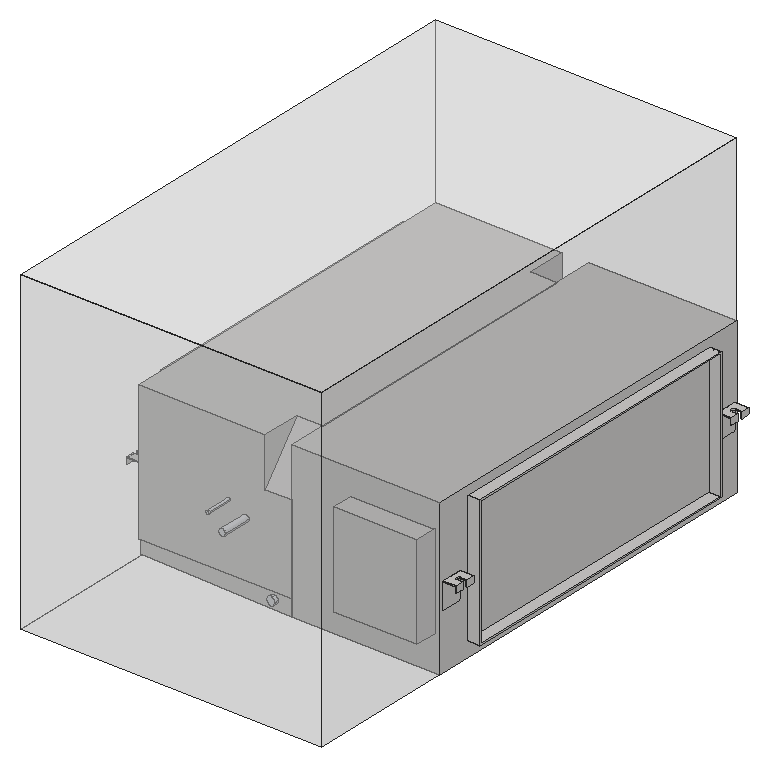
Revit family "outputfile", category 機械設備, Revit 2024
Family settings
  丸型コネクタ寸法 = 半径を使用
  パーツ タイプ = 標準
  OmniClass 番号 = 23.75.10.24.21.27.27
  OmniClass タイトル = Split System Air Conditioning Units
  作業面ベース = いいえ
  常に垂直 = はい
  ロード時にボイドで切り取り = いいえ
  注釈の向きを維持 = いいえ
  共有 = いいえ
  部屋計算ポイント = はい
Parameters (values of type "FXMQ180PV1A")
  Description = ""
  製造元 = "Daikin"
  書き出し IFC クラス(タイプ) = "IfcUnitaryEquipmentType"
  定義済み IFC タイプ(タイプ) = "AIRCONDITIONINGUNIT"
  Cost = 0
  モデル = "FXMQ180PV1A"
  Type Comments = ""
  Keynote = ""
  Type Image = (empty or 0)
  Assembly Code = ""
  lw_suctionflange = 922.0 mm
  r_Liquid Pipe Size = Liquid Pipe Size / 2  # 4.75 mm
  r_Gas Pipe Size = Gas Pipe Size / 2  # 9.55 mm
  r_Drain Pipe Size = Drain Pipe Size / 2  # 12.5 mm
  lw_power = 230.0 mm  # constant formula
  lw_dischargeflange = 58.0 mm  # constant formula
  lh_power = 394.0 mm  # constant formula
  lh_mountinghole1 = lh_mountinghole + [h***]  # 254.0 mm
  lh_dischargeflange = 110.0 mm  # constant formula
  ld_power = 33.5 mm  # constant formula
  ld_dischargeflange = 70.0 mm  # constant formula
  Voltage_comment_50Hz = "220-240"
  Voltage_50Hz = 220 V
  URL = ""
  Supply Air Direction [instance] = yes
  Sound Power Level_H speed (dB) = 0
  Phase_50Hz = 1
  Minimum External Static Pressure = 0.00 Pa
  Minimum Circuit Amps_50Hz = 7.4 A
  Maximum Fuse Amps_50Hz = 15.0 A
  Maximum External Static Pressure = 210.00 Pa
  Material_Casing = DAIKIN_GalvanizedSteel_Casing_indoorunit
  lw_mountinghole = 972.0 mm  # constant formula
  lh_gaspipe = 221.5 mm  # constant formula
  lh_mountinghole = 254.0 mm  # constant formula
  lh_liquidpipe = 254.0 mm  # constant formula
  lh_drainpipe = 30.0 mm  # constant formula
  lh_antena = Height - lh_mountinghole + 1.0 mm  # 217.0 mm
  ld_drainpipe = 10.0 mm  # constant formula
  ld_liquidpipe = 79.0 mm  # constant formula
  ld_gaspipe = 89.0 mm  # constant formula
  ld_mountinghole = 1048.0 mm
  h*** = 0.0 mm  # constant formula
  lw_liquidpipe = 275.0 mm  # constant formula
  lw_gaspipe = 327.5 mm  # constant formula
  lw_drainpipe = 413.5 mm  # constant formula
  Width = 918.5 mm
  Version = "ver.1.0"
  Unit Type = "High Static Pressure Duct Type"
  Unit Mass Weight = 70.00 kg
  Unit Designation [instance] = ""
  Uniclass2015Version = "Products v1.30"
  Uniclass2015Title = "Variable refrigerant flow units"
  Uniclass2015Code = "Pr_70_65_03_94"
  Total Heating Capacity [instance] = 0.000 kW
  Total Cooling Capacity [instance] = 0.000 kW
  Sound Pressure Level_M speed (dBA) = 0
  Sound Pressure Level_L speed (dBA) = 38
  Sound Pressure Level_H speed (dBA) = 45
  Series = "VRV Fan Coil Unit"
  Sensible Cooling Capacity [instance] = 0.000 kW
  SA Duct Size Width = 918.0 mm
  SA Duct Size Height = 350.0 mm
  Refrigerant Type = "R410A"
  RA Duct Size Width = 918.0 mm
  RA Duct Size Height = 392.5 mm
  Power Input (Heating) = 0.650 kW
  Power Input (Cooling) = 0.650 kW
  Option Accessory 3 [instance] = ""
  Option Accessory 2 [instance] = ""
  Option Accessory 1 [instance] = ""
  Nominal Heating Capacity = 22.400 kW
  Nominal Cooling Capacity = 20.000 kW
  Minimum Airflow = 0.00 m³/h
  Median Airflow = 0.00 m³/h
  Maximum Airflow = 4176.00 m³/h
  Load Classification = HVAC
  Liquid Pipe Size = 9.5 mm
  Link_Nested Family [instance] = ""
  IfcVersion = "0"
  IfcExportType = "AIRCONDITIONINGUNIT"
  IfcExportAs = "IfcUnitaryEquipmentType"
  Height = 470.0 mm
  Heating Entering Wet Bulb Temperature [instance] = 0.00 °C
  Heating Entering Dry Bulb Temperature [instance] = 0.00 °C
  Heating Ambient Wet Bulb Temperature [instance] = 0.00 °C
  Heating Ambient Dry Bulb Temperature [instance] = 0.00 °C
  Heat Exchanger Type = "Cross Fin Coil"
  Gas Pipe Size = 19.1 mm
  Frequency_50Hz = 50 Hz
  Fan Type = "Sirocco Fan"
  Fan Drive = "Direct Drive"
  FCU Tag No. [instance] = ""
  Drain Pipe Size = 25.0 mm
  Design Supply Airflow [instance] = 0.00 m³/h
  Design Return Airflow [instance] = 0.00 m³/h
  Design External Static Pressure [instance] = 0.00 Pa
  Depth = 1133.0 mm
  既定の高さ = 0.0 mm
  Cooling Entering Wet Bulb Temperature [instance] = 0.00 °C
  Cooling Entering Dry Bulb Temperature [instance] = 0.00 °C
  Cooling Ambient Wet Bulb Temperature [instance] = 0.00 °C
  Cooling Ambient Dry Bulb Temperature [instance] = 0.00 °C
  Clearance visibility [instance] = yes
  Clearance Top = 500.0 mm
  Clearance Right = 0.0 mm
  Clearance Rear = 0.0 mm
  Clearance Left = 0.0 mm
  Clearance Front = 450.0 mm
  Clearance Bottom = 0.0 mm
Reference planes
  plane 1 "Center (Front/Back)": y = 0
  plane 2 "h": z = 0
  plane 3 "Center (Left/Right)": x = 0
  plane 4 "Back": y = 566.5
  plane 5 "Front": y = -566.5
  plane 6 "Left": x = -459.25
  plane 7 "Reight": x = 459.25
  plane 8 "Top": z = 0
  plane 9 "Bottom": z = -470
  plane 10 "lh_mountinghole": z = -216
  plane 11 "ld_mountinghole1": y = 524
  plane 12: y = 566.5
  plane 13: y = -1016.5
  plane 14: x = -459.25
  plane 15: x = 459.25
  plane 16: z = 500
  plane 17: z = -470
  plane 18: z = -76
  plane 19: x = 7.75
  plane 20: z = -420
  plane 21 "ld_gaspipe": y = -655.5
  plane 22 "ld_liquidpipe": y = -645.5
  plane 23 "lw_liquidpipe": x = -184.25
  plane 24 "lw_gaspipe": x = -131.75
  plane 25 "lh_gaspipe": z = -248.5
  plane 26 "lh_liquidpipe": z = -216
  plane 27 "ld_drainpipe": y = -576.5
  plane 28 "lw_drainpipe": x = -45.75
  plane 29 "lh_drainpipe": z = -440
  plane 30 "ld_mountinghole2": y = -524
  plane 31: x = -486
  plane 32: x = 486
  plane 33: x = 256
  plane 34: y = -600
  plane 35 "lh_power": z = -76
  plane 36 "ld_suctionflange": y = 29.5
  plane 37 "lh_suctionflange": z = -208
  plane 38: y = -633.5
  plane 39: z = -222.75
  plane 40: x = -72.25
Forms (mm)
  Extrusion 1, solid, material "DAIKIN_GalvanizedSteel_Casing_indoorunit" <- "Material_Casing"
    sketch origin (0, 0, 0) x (1, 0, 0) y (0, 1, 0)
      loop
        line (7.75, 566.5) -> (7.75, -566.5) -> (459.25, -566.5) -> (459.25, 566.5) -> (7.75, 566.5)
    from -470 to 0
  Extrusion 2, solid, material "DAIKIN_GalvanizedSteel_Casing_indoorunit" <- "Material_Casing"
    sketch origin (0, 0, 0) x (1, 0, 0) y (0, 1, 0)
      loop
        line (-459.25, 566.5) -> (-459.25, -566.5) -> (7.75, -566.5) -> (7.75, 566.5) -> (-459.25, 566.5)
    from -420 to 0
  Extrusion 3, solid, material "DAIKIN_GalvanizedSteel_Casing_indoorunit" <- "Material_Casing"
    sketch origin (0, 0, 0) x (1, 0, 0) y (0, 0, 1)
      loop
        line (7.75, -470) -> (7.75, -420) -> (-451.25, -420) -> (-451.25, -457) -> (7.75, -470)
    from -566.5 to 566.5
  Extrusion 4, solid
    sketch origin (0, 0, 0) x (1, 0, 0) y (0, 0, 1)
      loop
        circle (-45.75, -440) r 12.5
    from 566.5 to 576.5
  Extrusion 5, solid, material "DAIKIN_GalvanizedSteel_Casing_indoorunit" <- "Material_Casing"
    sketch origin (0, 0, 0) x (1, 0, 0) y (0, 0, 1)
      loop
        line (190.25, -76) -> (190.25, -361) -> (444.25, -361) -> (444.25, -76) -> (190.25, -76)
    from 633.5 to 566.5
  Extrusion 6, solid
    sketch origin (0, 0, 0) x (1, 0, 0) y (0, 0, 1)
      loop
        circle (-184.25, -216) r 4.75
    from 566.5 to 645.5
  Extrusion 7, solid
    sketch origin (0, 0, 0) x (1, 0, 0) y (0, 0, 1)
      loop
        circle (-131.75, -248.5) r 9.55
    from 566.5 to 655.5
  Extrusion 8, void
    sketch origin (0, 0, 0) x (0, 1, 0) y (0, 0, 1)
      loop
        line (-566.5, 0) -> (-566.5, -150) -> (-446.5, 0) -> (-566.5, 0)
      loop
        line (566.5, 0) -> (446.5, 0) -> (566.5, -150) -> (566.5, 0)
    from -72.25 to 7.75
Cuts and joins
  Extrusion 8 cuts Extrusion 1
  Extrusion 8 cuts Extrusion 2
  Extrusion 8 cuts Extrusion 5
Dimensions and locks
  "Height": plane 8 "Top" to plane 9 "Bottom"
  equal spacing: plane 4 "Back", plane 1 "Center (Front/Back)", plane 5 "Front"
  "Depth": plane 4 "Back" to plane 5 "Front"
  equal spacing: plane 6 "Left", plane 3 "Center (Left/Right)", plane 7 "Reight"
  "Width": plane 6 "Left" to plane 7 "Reight"
  "Clearance Left": plane 14 to plane 6 "Left"
  "Clearance Right": plane 7 "Reight" to plane 15
  "Clearance Rear": plane 12 to plane 4 "Back"
  "Clearance Front": plane 5 "Front" to plane 13
  "Clearance Top": plane 16 to plane 8 "Top"
  "Clearance Bottom": plane 9 "Bottom" to plane 17
  "lh_mountinghole": plane 10 "lh_mountinghole" to plane 9 "Bottom"
  "lh_power": plane 18 to plane 9 "Bottom"
  locked: plane 19 to plane 7 "Reight" at 451.5
  locked: plane 8 "Top" to plane 20 at 420
  locked: Extrusion 3 sketch curve to plane 6 "Left" at 8
  locked: plane 20 to Extrusion 3 sketch curve at 37
  "lh_drainpipe": Extrusion 4 sketch curve to plane 9 "Bottom"
  "lw_drainpipe": Extrusion 4 sketch curve to plane 6 "Left"
  "lw_liquidpipe": Extrusion 6 sketch curve to plane 6 "Left"
  "lw_gaspipe": Extrusion 7 sketch curve to plane 6 "Left"
  locked: Extrusion 5 sketch curve to Extrusion 5 sketch curve at 254
  locked: Extrusion 5 sketch curve to Extrusion 5 sketch curve at 285
  locked: Extrusion 5 sketch curve to plane 7 "Reight" at 15
  locked: Extrusion 5 sketch curve to plane 9 "Bottom" at 109
  "ld_gaspipe": plane 5 "Front" to plane 21 "ld_gaspipe"
  "ld_liquidpipe": plane 5 "Front" to plane 22 "ld_liquidpipe"
  "lw_liquidpipe": plane 6 "Left" to plane 23 "lw_liquidpipe"
  "lw_gaspipe": plane 6 "Left" to plane 24 "lw_gaspipe"
  "lh_gaspipe": plane 25 "lh_gaspipe" to plane 9 "Bottom"
  "lh_liquidpipe": plane 26 "lh_liquidpipe" to plane 9 "Bottom"
  "lh_gaspipe": Extrusion 7 sketch curve to plane 9 "Bottom"
  "lh_liquidpipe": Extrusion 6 sketch curve to plane 9 "Bottom"
  "ld_drainpipe": plane 5 "Front" to plane 27 "ld_drainpipe"
  "lw_drainpipe": plane 6 "Left" to plane 28 "lw_drainpipe"
  "lh_drainpipe": plane 29 "lh_drainpipe" to plane 9 "Bottom"
  equal spacing: plane 30 "ld_mountinghole2", plane 1 "Center (Front/Back)", plane 11 "ld_mountinghole1"
  "ld_mountinghole": plane 30 "ld_mountinghole2" to plane 11 "ld_mountinghole1"
  equal spacing: plane 31, plane 3 "Center (Left/Right)", plane 32
  "lw_mountinghole": plane 31 to plane 32
  "lw_power": plane 33 to plane 32
  "ld_power": plane 5 "Front" to plane 34
  "lh_power": plane 35 "lh_power" to plane 9 "Bottom"
  locked: plane 36 "ld_suctionflange" to plane 1 "Center (Front/Back)" at 29.5
  locked: plane 37 "lh_suctionflange" to plane 9 "Bottom" at 262
  locked: plane 5 "Front" to plane 38 at 67
  locked: plane 39 to plane 9 "Bottom" at 247.25
  locked: Extrusion 8 sketch curve to Extrusion 8 sketch curve at 120  (x2)
  locked: Extrusion 8 sketch curve to Extrusion 8 sketch curve at 150  (x2)
  locked: plane 40 to plane 19 at 80
  "r_Gas Pipe Size": radius of Extrusion 7 sketch curve
  "r_Liquid Pipe Size": radius of Extrusion 6 sketch curve
  "r_Drain Pipe Size": radius of Extrusion 4 sketch curve
  aligned and locked: level to plane 2 "h"
  aligned and locked: plane 8 "Top" to Extrusion 1
  aligned and locked: Extrusion 1 to plane 9 "Bottom"
  aligned and locked: nested 1 to plane 7 "Reight"
  aligned and locked: plane 7 "Reight" to nested 1
  aligned and locked: plane 11 "ld_mountinghole1" to nested 2
  aligned and locked: plane 7 "Reight" to nested 2
  aligned and locked: nested 4 to plane 13
  aligned and locked: plane 14 to nested 4
  aligned and locked: plane 15 to nested 4
  aligned and locked: nested 4 to plane 14
  aligned and locked: plane 12 to nested 4
  aligned and locked: plane 16 to nested 4
  aligned and locked: plane 17 to nested 4
  aligned and locked: plane 10 "lh_mountinghole" to nested 1
  aligned and locked: plane 10 "lh_mountinghole" to nested 2
  aligned and locked: Extrusion 1 to plane 19
  aligned and locked: Extrusion 2 sketch curve to plane 4 "Back"
  aligned and locked: Extrusion 2 sketch curve to plane 19
  aligned and locked: plane 6 "Left" to Extrusion 2 sketch curve
  aligned and locked: plane 5 "Front" to Extrusion 2 sketch curve
  aligned and locked: plane 8 "Top" to Extrusion 2
  aligned and locked: Extrusion 2 to plane 20
  aligned and locked: Extrusion 3 sketch curve to plane 20
  aligned and locked: plane 19 to Extrusion 3 sketch curve
  aligned and locked: plane 5 "Front" to Extrusion 3
  aligned and locked: Extrusion 3 to plane 4 "Back"
  aligned and locked: plane 9 "Bottom" to Extrusion 3 sketch curve
  aligned and locked: Extrusion 4 to plane 5 "Front"
  aligned and locked: plane 5 "Front" to Extrusion 6
  aligned and locked: plane 5 "Front" to Extrusion 7
  aligned and locked: Extrusion 7 to plane 21 "ld_gaspipe"
  aligned and locked: Extrusion 6 to plane 22 "ld_liquidpipe"
  aligned and locked: Extrusion 4 to plane 27 "ld_drainpipe"
  aligned and locked: nested 1 to plane 30 "ld_mountinghole2"
  aligned and locked: plane 11 "ld_mountinghole1" to nested 10
  aligned and locked: plane 31 to nested 10
  aligned and locked: nested 6 to plane 30 "ld_mountinghole2"
  aligned and locked: plane 31 to nested 6
  aligned and locked: nested 5 to plane 32
  aligned and locked: nested 5 to plane 30 "ld_mountinghole2"
  aligned and locked: plane 11 "ld_mountinghole1" to nested 11
  aligned and locked: nested 11 to plane 32
  aligned and locked: plane 26 "lh_liquidpipe" to nested 8
  aligned and locked: plane 29 "lh_drainpipe" to nested 9
  aligned and locked: plane 5 "Front" to nested 9
  aligned and locked: plane 25 "lh_gaspipe" to nested 7
  aligned and locked: nested 7 to plane 5 "Front"
  aligned and locked: plane 30 "ld_mountinghole2" to nested 13
  aligned and locked: nested 13 to plane 6 "Left"
  aligned and locked: plane 26 "lh_liquidpipe" to nested 13
  aligned and locked: plane 6 "Left" to nested 14
  aligned and locked: nested 14 to plane 11 "ld_mountinghole1"
  aligned and locked: nested 15 to plane 36 "ld_suctionflange"
  aligned and locked: nested 15 to plane 6 "Left"
  aligned and locked: plane 37 "lh_suctionflange" to nested 15
  aligned and locked: plane 26 "lh_liquidpipe" to nested 14
  aligned and locked: nested 16 to plane 7 "Reight"
  aligned and locked: nested 16 to plane 1 "Center (Front/Back)"
  aligned and locked: Extrusion 5 to plane 38
  aligned and locked: plane 5 "Front" to Extrusion 5
  aligned and locked: plane 33 to nested 12
  aligned and locked: plane 34 to nested 12
  aligned and locked: nested 12 to plane 35 "lh_power"
  aligned and locked: nested 8 to plane 5 "Front"
  aligned and locked: nested 16 to plane 39
  aligned and locked: nested 3 to plane 3 "Center (Left/Right)"
  aligned and locked: plane 1 "Center (Front/Back)" to nested 3
  aligned and locked: Extrusion 8 sketch curve to plane 5 "Front"
  aligned and locked: Extrusion 8 sketch curve to plane 8 "Top"
  aligned and locked: plane 8 "Top" to Extrusion 8 sketch curve
  aligned and locked: Extrusion 8 sketch curve to plane 4 "Back"
  aligned and locked: cut or joined group of Extrusion 2, Extrusion 8 to plane 40
  aligned and locked: plane 19 to cut or joined group of Extrusion 1, Extrusion 8
  aligned and locked: plane 40 to cut or joined group of Extrusion 2, Extrusion 8
  aligned and locked: cut or joined group of Extrusion 2, Extrusion 8 to plane 19
  aligned and locked: level to plane 8 "Top"
Automatic sketch dimensions
  Extrusion 1 sketch curve to plane 5 "Front" = 0.0 mm
  Extrusion 1 sketch curve to plane 19 = 0.0 mm
  Extrusion 1 sketch curve to plane 7 "Reight" = 0.0 mm
  Extrusion 1 sketch curve to plane 4 "Back" = 0.0 mm
Nested families
  nested 1: "daikin_hangerfixture_FXMQ-PV1A" at (459.25, -524, -216), type "daikin_hangerfixture_FXMQ-PV1A"
  nested 2: "daikin_hangerfixture_FXMQ-PV1A" at (459.25, 524, -216), type "daikin_hangerfixture_FXMQ-PV1A"
  nested 3: "daikin_△_symbolicline" at (0, 0, 470) x (0, -1, 0) z (0, 0, 1), built-in parameter 1001364 <- "Height", visible <- "Supply Air Direction", type "daikin_△_symbolicline"
    with length 300.0 mm
  nested 4: "daikin_clearancespace" at (0, -225, 15.119), visible <- "Clearance visibility", show <- "Clearance visibility", Link_Nested Family <- "Link_Nested Family", type "daikin_clearancespace"
    with width 918.5 mm, show yes, height 970.0 mm, depth 1583.0 mm, Link_Nested Family ""
  nested 5: "daikin_mountinghole" at (486, -524, -470), l_antenna <- "lh_antena", Link_Nested Family <- "Link_Nested Family", h_mountinghole <- "lh_mountinghole1", type "daikin_mountinghole"
    with show yes, l_antenna 217.0 mm, h_mountinghole 254.0 mm, Link_Nested Family ""
  nested 6: "daikin_mountinghole" at (-486, -524, -470), l_antenna <- "lh_antena", Link_Nested Family <- "Link_Nested Family", h_mountinghole <- "lh_mountinghole1", type "daikin_mountinghole"
    with show yes, l_antenna 217.0 mm, h_mountinghole 254.0 mm, Link_Nested Family ""
  nested 7: "daikin_connector_rotate2" at (-131.75, -566.5, -248.5), length <- "ld_gaspipe", radius <- "r_Gas Pipe Size", type "daikin_connector_rotate2"
    with radius 9.55 mm, length 89.0 mm, angle_vertical 90.00°, show_face no
  nested 8: "daikin_connector_rotate2" at (-184.25, -566.5, -216), radius <- "r_Liquid Pipe Size", length <- "ld_liquidpipe", type "daikin_connector_rotate2"
    with radius 4.75 mm, length 79.0 mm, angle_vertical 90.00°, show_face no
  nested 9: "daikin_connector_rotate2" at (-45.75, -566.5, -440), length <- "ld_drainpipe", radius <- "r_Drain Pipe Size", type "daikin_connector_rotate2"
    with radius 12.5 mm, length 10.0 mm, angle_vertical 90.00°, show_face no
  nested 10: "daikin_mountinghole" at (-486, 524, -470), h_mountinghole <- "lh_mountinghole1", l_antenna <- "lh_antena", Link_Nested Family <- "Link_Nested Family", type "daikin_mountinghole"
    with show yes, l_antenna 217.0 mm, h_mountinghole 254.0 mm, Link_Nested Family ""
  nested 11: "daikin_mountinghole" at (486, 524, -470), l_antenna <- "lh_antena", Link_Nested Family <- "Link_Nested Family", h_mountinghole <- "lh_mountinghole1", type "daikin_mountinghole"
    with show yes, l_antenna 217.0 mm, h_mountinghole 254.0 mm, Link_Nested Family ""
  nested 12: "daikin_connector_rotate2" at (256, -600, -76) x (1, 0, 0) z (0, -1, 0), type "daikin_connector_rotate2"
    with radius 10.0 mm, length 285.0 mm, angle_vertical 90.00°, show_face no
  nested 13: "daikin_hangerfixture_FXMQ-PV1A2" at (-459.25, -524, -216) x (-1, 0, 0) z (0, 0, 1), type "daikin_hangerfixture_FXMQ-PV1A2"
  nested 14: "daikin_hangerfixture_FXMQ-PV1A2" at (-459.25, 524, -216) x (-1, 0, 0) z (0, 0, 1), type "daikin_hangerfixture_FXMQ-PV1A2"
  nested 15: "daikin_ductflange_FXMQ-PV1A" at (-459.25, 29.5, -385) x (0, -1, 0) z (0, 0, 1), width <- "lw_suctionflange", material <- "Material_Casing", type "daikin_ductflange_FXMQ-PV1A"
    with width 922.0 mm, material DAIKIN_GalvanizedSteel_Casing_indoorunit, height 354.0 mm, depth 39.25 mm
  nested 16: "daikin_ductflange_FXMQ-PV1A" at (459.25, 0, -421) x (0, -1, 0) z (0, 0, 1), width <- "lw_suctionflange", material <- "Material_Casing", type "daikin_ductflange_FXMQ-PV1A"
    with width 922.0 mm, material DAIKIN_GalvanizedSteel_Casing_indoorunit, height 396.5 mm, depth 39.25 mm
Connectors
  piping at (-131.75, -655.5, -248.5), diameter 19.1, driven by "r_Gas Pipe Size"
    settings: on nested 7, index 1, connector inside diameter 609.6 mm, connector length 0.0 mm, flow factor 0, pipe flow 0.00 m³/h, pressure drop 0.0 Pa, fitting loss kfactor 0, connector angle 0.00°, fixture units 0, engagement length 0.0 mm, angle of deflection 0.00°, flow configuration 1, flow direction 2, fitting loss method 0, system type 29, joint type 0, gender type 0, connector reference index -1, connector utility 0, adjustable connector no, is connector primary yes, connector description "Refrigerant Gas Piping"
  piping at (-184.25, -645.5, -216), diameter 9.5, driven by "r_Liquid Pipe Size"
    settings: on nested 8, index 2, connector inside diameter 609.6 mm, connector length 0.0 mm, flow factor 0, pipe flow 0.00 m³/h, pressure drop 0.0 Pa, fitting loss kfactor 0, connector angle 0.00°, fixture units 0, engagement length 0.0 mm, angle of deflection 0.00°, flow configuration 1, flow direction 1, fitting loss method 0, system type 29, joint type 0, gender type 0, connector reference index -1, connector utility 0, adjustable connector no, is connector primary no, connector description "Refrigerant Liquid Piping"
  piping at (-45.75, -576.5, -440), diameter 25, driven by "r_Drain Pipe Size"
    settings: on nested 9, index 3, connector inside diameter 609.6 mm, connector length 0.0 mm, flow factor 0, pipe flow 0.00 m³/h, pressure drop 0.0 Pa, fitting loss kfactor 0, connector angle 0.00°, fixture units 0, engagement length 0.0 mm, angle of deflection 0.00°, flow configuration 1, flow direction 2, fitting loss method 4, system type 16, joint type 0, gender type 0, connector reference index -1, connector utility 0, adjustable connector no, is connector primary no, connector description "Condensate Drain Piping"
  electrical at (256, -600, -361), driven by "Load Classification"
    settings: on nested 12, index 4, voltage 0 V, apparent load 0 VA, apparent load phase1 0 VA, apparent load phase2 0 VA, apparent load phase3 0 VA, power factor 1, load classification "HVAC", number of poles 1, system type 30, power factor state 1, is connector primary yes, connector utility no, sub classification motor no, connector description "Power Supply"
  hvac at (-498.5, 29.5, -208), driven by "SA Duct Size Height", driven by "SA Duct Size Width"
    settings: on nested 15, index 5, duct flow 0.00 m³/h, flow factor 0, pres drop 0.00 Pa, loss coef 0, conn angle 0.00°, conn width 918.0 mm, conn height 350.0 mm, conn diameter 609.6 mm, duct sys type 1, conn prof type 1, flow config 0, flow direction 2, loss method 4, conn ref index -1, conn util no, is conn primary yes, conn desc "SA Duct"
  hvac at (498.5, 0, -222.75), driven by "RA Duct Size Height", driven by "RA Duct Size Width"
    settings: on nested 16, index 6, duct flow 0.00 m³/h, flow factor 0, pres drop 0.00 Pa, loss coef 0, conn angle 0.00°, conn width 918.0 mm, conn height 392.5 mm, conn diameter 609.6 mm, duct sys type 2, conn prof type 1, flow config 0, flow direction 1, loss method 4, conn ref index -1, conn util no, is conn primary no, conn desc "RA Duct"
Definition of nested family "daikin_hangerfixture_FXMQ-PV1A"
  Parameters (values of type "daikin_hangerfixture_FXDSQ-AVM")
    width = 44.0 mm
    material = none
    height = 80.0 mm
    depth = 65.0 mm
    Default Elevation = 0.0 mm
  Reference planes
    plane 1 "Center (Front/Back)": y = 0
    plane 2: z = 0
    plane 3 "Center (Left/Right)": x = 0
    plane 4: y = 417.146
    plane 5: z = -2
    plane 6: z = -65
    plane 7: z = -12
    plane 8: x = 44
    plane 9: y = 32.5
    plane 10: y = -32.5
    plane 11: y = -36
    plane 12: y = 36
    plane 13: z = -80
    plane 14: x = 1.5
    plane 15: x = 14
    plane 16: x = 26
    plane 17: x = 42
  Forms (mm)
    Extrusion 1, solid, material <- "material"
      sketch origin (0, 0, 0) x (1, 0, 0) y (0, 1, 0)
        loop
          line (0, 32.5) -> (0, -32.5) -> (44, -32.5) -> (44, -7.5) -> (26.75, -7.5)
          arc (26.75, -7.5) -> (19.25, 0) -> (26.75, 7.5) r 7.5
          line (26.75, 7.5) -> (44, 7.5) -> (44, 32.5) -> (0, 32.5)
      from -2 to 0
    Extrusion 2, solid, material <- "material"
      sketch origin (0, 0, 0) x (0, 1, 0) y (0, 0, 1)
        loop
          line (32.5, -75.411) -> (32.5, 0) -> (-32.5, 0) -> (-32.5, -75.411)
          arc (-32.5, -75.411) -> (-31.156, -78.656) -> (-27.911, -80) r 4.589
          line (-27.911, -80) -> (27.911, -80)
          arc (27.911, -80) -> (31.156, -78.656) -> (32.5, -75.411) r 4.589
      from 0 to 1.5
    Extrusion 3, solid, material <- "material"
      sketch origin (0, 0, 0) x (0, 1, 0) y (0, 0, 1)
        loop
          line (-7.5, -17.007) -> (-7.5, 0) -> (-32.5, 0) -> (-32.5, -17.007)
          arc (-32.5, -17.007) -> (-31.623, -19.123) -> (-29.507, -20) r 2.993
          line (-29.507, -20) -> (-10.493, -20)
          arc (-10.493, -20) -> (-8.377, -19.123) -> (-7.5, -17.007) r 2.993
        loop
          arc (7.5, -17.007) -> (8.377, -19.123) -> (10.493, -20) r 2.993
          line (10.493, -20) -> (29.507, -20)
          arc (29.507, -20) -> (31.623, -19.123) -> (32.5, -17.007) r 2.993
          line (32.5, -17.007) -> (32.5, 0) -> (7.5, 0) -> (7.5, -17.007)
      from 44 to 42
  Cuts and joins
    joined: Extrusion 1, Extrusion 2, Extrusion 3
  Dimensions and locks
    "width": plane 3 "Center (Left/Right)" to plane 8
    "depth": plane 10 to plane 9
    equal spacing: plane 10, plane 1 "Center (Front/Back)", plane 9
    locked: plane 11 to plane 10 at 3.5
    locked: plane 9 to plane 12 at 3.5
    "height": level to plane 13
    locked: plane 14 to plane 3 "Center (Left/Right)" at 1.5
    plane 3 "Center (Left/Right)" to plane 15 = 14.0 mm
    locked: plane 15 to plane 16 at 12
    plane 3 "Center (Left/Right)" to Extrusion 1 = 44.0 mm
    locked: plane 2 to plane 5 at 2
    locked: plane 8 to plane 17 at 2
    aligned and locked: level to plane 2
    aligned and locked: level to Extrusion 1
    aligned and locked: Extrusion 1 to plane 5
    aligned and locked: Extrusion 1 sketch curve to plane 3 "Center (Left/Right)"
    aligned and locked: Extrusion 1 sketch curve to plane 8  (x2)
    aligned and locked: level to Extrusion 2 sketch curve
    aligned and locked: plane 14 to Extrusion 2
    aligned and locked: Extrusion 3 sketch curve to level
    aligned and locked: level to Extrusion 3 sketch curve
    aligned and locked: plane 9 to Extrusion 1 sketch curve
    aligned and locked: Extrusion 1 sketch curve to plane 10
    aligned and locked: plane 13 to Extrusion 2 sketch curve
    aligned and locked: plane 8 to cut or joined group of Extrusion 1, Extrusion 2, Extrusion 3
    aligned and locked: cut or joined group of Extrusion 1, Extrusion 2, Extrusion 3 to plane 17
  Automatic sketch dimensions
    plane 9 to Extrusion 2 sketch curve = 4.589 mm
    Extrusion 2 sketch curve to plane 10 = 4.589 mm
    Extrusion 2 sketch curve to Extrusion 2 sketch curve = 4.589 mm
    Extrusion 2 sketch curve to plane 9 = 0.0 mm
    plane 10 to Extrusion 3 sketch curve = 0.0 mm
    Extrusion 3 sketch curve to plane 7 = 8.0 mm  (x2)
    Extrusion 3 sketch curve to plane 10 = 2.993 mm
    Extrusion 3 sketch curve to plane 7 = 5.007 mm  (x2)
    plane 1 "Center (Front/Back)" to Extrusion 3 sketch curve = 10.493 mm
    Extrusion 3 sketch curve to plane 1 "Center (Front/Back)" = 7.5 mm
    plane 9 to Extrusion 3 sketch curve = 2.993 mm
    Extrusion 3 sketch curve to plane 9 = 0.0 mm
    plane 1 "Center (Front/Back)" to Extrusion 1 sketch curve = 0.0 mm
    plane 16 to Extrusion 1 sketch curve = 0.75 mm
    Extrusion 1 sketch curve to plane 1 "Center (Front/Back)" = 7.5 mm
Definition of nested family "daikin_clearancespace"
  Parameters (values of type "daikin_clearancespace")
    width [instance] = 1823.963 mm
    show [instance] = yes
    material = none
    height [instance] = 1359.762 mm
    depth [instance] = 880.0 mm
    Default Elevation = 0.0 mm
    Link_Nested Family [instance] = ""
  Reference planes
    plane 1 "Center (Front/Back)": y = 0
    plane 2 "Center (Elevation)": z = -0.119
    plane 3 "Center (Left/Right)": x = 0
    plane 4: y = 440
    plane 5: y = -440
    plane 6 "Right": x = 911.982
    plane 7 "Left": x = -911.982
    plane 8 "Top": z = 679.762
    plane 9 "Bottom": z = -680
  Forms (mm)
    Extrusion 1, solid, material <- "material", visible <- "show"
      sketch origin (0, 0, 0) x (1, 0, 0) y (0, 1, 0)
        loop
          line (-911.982, 440) -> (-911.982, -440) -> (911.982, -440) -> (911.982, 440) -> (-911.982, 440)
      from -680 to 679.762
  Lines and regions (mm)
    symbolic lines, visible <- "show"
      curve 1: line (911.982, 440, 0) -> (-911.982, 440, 0)
      curve 2: line (-911.982, 440, 0) -> (-911.982, -440, 0)
      curve 3: line (-911.982, -440, 0) -> (911.982, -440, 0)
      curve 4: line (911.982, -440, 0) -> (911.982, 440, 0)
      curve 5: line (911.982, 0, 679.762) -> (-911.982, 0, 679.762)
      curve 6: line (911.982, 0, -680) -> (911.982, 0, 679.762)
      curve 7: line (-911.982, 0, -680) -> (911.982, 0, -680)
      curve 8: line (-911.982, 0, 679.762) -> (-911.982, 0, -680)
      curve 9: line (0, 440, 679.762) -> (0, -440, 679.762)
      curve 10: line (0, -440, 679.762) -> (0, -440, -680)
      curve 11: line (0, 440, -680) -> (0, 440, 679.762)
      curve 12: line (0, -440, -680) -> (0, 440, -680)
  Dimensions and locks
    "width": plane 7 "Left" to plane 6 "Right"
    "depth": plane 4 to plane 5
    "height": plane 8 "Top" to plane 9 "Bottom"
    equal spacing: plane 7 "Left", plane 3 "Center (Left/Right)", plane 6 "Right"
    equal spacing: plane 4, plane 1 "Center (Front/Back)", plane 5
    equal spacing: plane 8 "Top", plane 2 "Center (Elevation)", plane 9 "Bottom"
    aligned and locked: level to plane 2 "Center (Elevation)"
    aligned and locked: Extrusion 1 sketch curve to plane 4
    aligned and locked: plane 7 "Left" to Extrusion 1 sketch curve
    aligned and locked: Extrusion 1 sketch curve to plane 5
    aligned and locked: Extrusion 1 sketch curve to plane 6 "Right"
    aligned and locked: plane 8 "Top" to Extrusion 1
    aligned and locked: curve 1 to Extrusion 1
    aligned and locked: curve 2 to Extrusion 1
    aligned and locked: curve 3 to Extrusion 1
    aligned and locked: curve 4 to Extrusion 1
    aligned and locked: curve 5 to Extrusion 1
    aligned and locked: curve 6 to Extrusion 1
    aligned and locked: curve 7 to Extrusion 1
    aligned and locked: curve 8 to Extrusion 1
    aligned and locked: curve 9 to Extrusion 1
    aligned and locked: curve 10 to Extrusion 1
    aligned and locked: curve 11 to Extrusion 1
    aligned and locked: curve 12 to Extrusion 1
    aligned and locked: Extrusion 1 to plane 9 "Bottom"
Definition of nested family "daikin_hangerfixture_FXMQ-PV1A2"
  Parameters (values of type "daikin_hangerfixture_FXDSQ-AVM2")
    width = 44.0 mm
    material = none
    height = 204.0 mm
    depth = 65.0 mm
    Default Elevation = 0.0 mm
  Reference planes
    plane 1 "Center (Front/Back)": y = 0
    plane 2: z = 0
    plane 3 "Center (Left/Right)": x = 0
    plane 4: y = 417.146
    plane 5: z = -2
    plane 6: z = -65
    plane 7: z = -12
    plane 8: x = 44
    plane 9: y = 32.5
    plane 10: y = -32.5
    plane 11: y = -36
    plane 12: y = 36
    plane 13: z = -204
    plane 14: x = 1.5
    plane 15: x = 14
    plane 16: x = 26
    plane 17: x = 42
  Forms (mm)
    Extrusion 1, solid, material <- "material"
      sketch origin (0, 0, 0) x (1, 0, 0) y (0, 1, 0)
        loop
          line (0, 32.5) -> (0, -32.5) -> (44, -32.5) -> (44, -7.5) -> (26.75, -7.5)
          arc (26.75, -7.5) -> (19.25, 0) -> (26.75, 7.5) r 7.5
          line (26.75, 7.5) -> (44, 7.5) -> (44, 32.5) -> (0, 32.5)
      from -2 to 0
    Extrusion 2, solid, material <- "material"
      sketch origin (0, 0, 0) x (0, 1, 0) y (0, 0, 1)
        loop
          line (32.5, -199.411) -> (32.5, 0) -> (-32.5, 0) -> (-32.5, -199.411)
          arc (-32.5, -199.411) -> (-31.156, -202.656) -> (-27.911, -204) r 4.589
          line (-27.911, -204) -> (27.911, -204)
          arc (27.911, -204) -> (31.156, -202.656) -> (32.5, -199.411) r 4.589
      from 0 to 1.5
    Extrusion 3, solid, material <- "material"
      sketch origin (0, 0, 0) x (0, 1, 0) y (0, 0, 1)
        loop
          line (-7.5, -17.007) -> (-7.5, 0) -> (-32.5, 0) -> (-32.5, -17.007)
          arc (-32.5, -17.007) -> (-31.623, -19.123) -> (-29.507, -20) r 2.993
          line (-29.507, -20) -> (-10.493, -20)
          arc (-10.493, -20) -> (-8.377, -19.123) -> (-7.5, -17.007) r 2.993
        loop
          arc (7.5, -17.007) -> (8.377, -19.123) -> (10.493, -20) r 2.993
          line (10.493, -20) -> (29.507, -20)
          arc (29.507, -20) -> (31.623, -19.123) -> (32.5, -17.007) r 2.993
          line (32.5, -17.007) -> (32.5, 0) -> (7.5, 0) -> (7.5, -17.007)
      from 44 to 42
  Cuts and joins
    joined: Extrusion 1, Extrusion 2, Extrusion 3
  Dimensions and locks
    "width": plane 3 "Center (Left/Right)" to plane 8
    "depth": plane 10 to plane 9
    equal spacing: plane 10, plane 1 "Center (Front/Back)", plane 9
    locked: plane 11 to plane 10 at 3.5
    locked: plane 9 to plane 12 at 3.5
    "height": level to plane 13
    locked: plane 14 to plane 3 "Center (Left/Right)" at 1.5
    plane 3 "Center (Left/Right)" to plane 15 = 14.0 mm
    locked: plane 15 to plane 16 at 12
    plane 3 "Center (Left/Right)" to Extrusion 1 = 44.0 mm
    locked: plane 2 to plane 5 at 2
    locked: plane 8 to plane 17 at 2
    aligned and locked: level to plane 2
    aligned and locked: level to Extrusion 1
    aligned and locked: Extrusion 1 to plane 5
    aligned and locked: Extrusion 1 sketch curve to plane 3 "Center (Left/Right)"
    aligned and locked: Extrusion 1 sketch curve to plane 8  (x2)
    aligned and locked: level to Extrusion 2 sketch curve
    aligned and locked: plane 14 to Extrusion 2
    aligned and locked: Extrusion 3 sketch curve to level
    aligned and locked: level to Extrusion 3 sketch curve
    aligned and locked: plane 9 to Extrusion 1 sketch curve
    aligned and locked: Extrusion 1 sketch curve to plane 10
    aligned and locked: plane 13 to Extrusion 2 sketch curve
    aligned and locked: plane 8 to cut or joined group of Extrusion 1, Extrusion 2, Extrusion 3
    aligned and locked: cut or joined group of Extrusion 1, Extrusion 2, Extrusion 3 to plane 17
  Automatic sketch dimensions
    plane 9 to Extrusion 2 sketch curve = 4.589 mm
    Extrusion 2 sketch curve to plane 10 = 4.589 mm
    Extrusion 2 sketch curve to Extrusion 2 sketch curve = 4.589 mm
    Extrusion 2 sketch curve to plane 9 = 0.0 mm
    plane 10 to Extrusion 3 sketch curve = 0.0 mm
    Extrusion 3 sketch curve to plane 7 = 8.0 mm  (x2)
    Extrusion 3 sketch curve to plane 10 = 2.993 mm
    Extrusion 3 sketch curve to plane 7 = 5.007 mm  (x2)
    plane 1 "Center (Front/Back)" to Extrusion 3 sketch curve = 10.493 mm
    Extrusion 3 sketch curve to plane 1 "Center (Front/Back)" = 7.5 mm
    plane 9 to Extrusion 3 sketch curve = 2.993 mm
    Extrusion 3 sketch curve to plane 9 = 0.0 mm
    plane 1 "Center (Front/Back)" to Extrusion 1 sketch curve = 0.0 mm
    plane 16 to Extrusion 1 sketch curve = 0.75 mm
    Extrusion 1 sketch curve to plane 1 "Center (Front/Back)" = 7.5 mm
Definition of nested family "daikin_ductflange_FXMQ-PV1A"
  Parameters (values of type "daikin_ductflange_CeilingMountedDuct")
    width [instance] = 922.0 mm
    material [instance] = none
    height [instance] = 354.0 mm
    depth [instance] = 39.3 mm
    Default Elevation = 0.0 mm
  Reference planes
    plane 1 "Center (Front/Back)": y = 0
    plane 2: z = 0
    plane 3 "Center (Left/Right)": x = 0
    plane 4: y = -39.3
    plane 5: x = -461
    plane 6: x = 461
    plane 7 "Top": z = 354
    plane 8 "Center (Elevation)": z = 177
  Forms (mm)
    Extrusion 1, solid, material <- "material"
      sketch origin (0, 0, 0) x (1, 0, 0) y (0, 0, 1)
        loop
          line (-461, 354) -> (-461, 0) -> (461, 0) -> (461, 354) -> (-461, 354)
        loop
          line (-459, 352) -> (-459, 2) -> (459, 2) -> (459, 352) -> (-459, 352)
      from 0 to 39.3
  Dimensions and locks
    "height": plane 7 "Top" to plane 2
    "width": plane 5 to plane 6
    equal spacing: plane 5, plane 3 "Center (Left/Right)", plane 6
    "depth": plane 1 "Center (Front/Back)" to plane 4
    equal spacing: plane 7 "Top", plane 8 "Center (Elevation)", plane 2
    locked: plane 7 "Top" to Extrusion 1 sketch curve at 2
    locked: Extrusion 1 sketch curve to level at 2
    locked: Extrusion 1 sketch curve to plane 5 at 2
    locked: plane 6 to Extrusion 1 sketch curve at 2
    aligned and locked: level to plane 2
    aligned and locked: Extrusion 1 sketch curve to plane 7 "Top"
    aligned and locked: plane 5 to Extrusion 1 sketch curve
    aligned and locked: Extrusion 1 sketch curve to plane 6
    aligned and locked: plane 2 to Extrusion 1 sketch curve
    aligned and locked: Extrusion 1 to plane 4
Definition of nested family "daikin_△_symbolicline"
  Parameters (values of type "daikin_△_symbolicline")
    length [instance] = 200.0 mm
    Default Elevation = 0.0 mm
  Reference planes
    plane 1 "Center (Front/Back)": y = 0
    plane 2: z = 0
    plane 3 "Center (Left/Right)": x = 0
  Lines and regions (mm)
    symbolic lines
      curve 1: line (0, -173.205, 0) -> (100, 0, 0)
      curve 2: line (100, 0, 0) -> (-100, 0, 0)
      curve 3: line (-100, 0, 0) -> (0, -173.205, 0)
  Dimensions and locks
    equal spacing: curve 3, plane 3 "Center (Left/Right)", curve 2
    "length": curve 3 to curve 2
    "length": curve 3 to curve 3
    "length": curve 1 to curve 1
    aligned and locked: level to plane 2
    aligned and locked: curve 2 to plane 1 "Center (Front/Back)"
    aligned and locked: plane 3 "Center (Left/Right)" to curve 3
Definition of nested family "daikin_mountinghole"
  Parameters (values of type "daikin_mountinghole")
    Default Elevation = 1219.2 mm
    Type Comments = "mountinghole"
    show [instance] = yes
    material = none
    l_centerline = 100.0 mm
    l_antenna [instance] = 100.0 mm
    h_mountinghole [instance] = 0.0 mm
    d_circle = 30.0 mm
    Link_Nested Family [instance] = ""
  Reference planes
    plane 1 "Center (Front/Back)": y = 0
    plane 2: z = 0
    plane 3 "Center (Left/Right)": x = 0
    plane 4: y = 50
    plane 5: x = -50
    plane 6: x = 50
    plane 7: y = -50
    plane 8 "h_mountinghole": z = 0
    plane 9: z = 100
  Lines and regions (mm)
    model lines, detail levels fine
      curve 1: circle (0, 0, 0) r 15 normal (0, 0, 1)
      curve 2: line (-50, 0, 0) -> (50, 0, 0)
      curve 3: line (0, 50, 0) -> (0, -50, 0)
    symbolic lines, detail levels fine
      curve 4: circle (0, 0, 0) r 15 normal (0, 0, 1)
      curve 5: line (-50, 0, 0) -> (50, 0, 0)
      curve 6: line (0, 50, 0) -> (0, -50, 0)
    model lines
      curve 7: line (0, 0, 100) -> (0, 0, 0)
  Dimensions and locks
    equal spacing: plane 4, plane 1 "Center (Front/Back)", plane 7
    "l_centerline": plane 4 to plane 7
    equal spacing: plane 5, plane 3 "Center (Left/Right)", plane 6
    "l_centerline": plane 5 to plane 6
    "l_antenna": plane 9 to plane 8 "h_mountinghole"
    "h_mountinghole": plane 8 "h_mountinghole" to plane 2
    "d_circle": diameter of curve 1
    "d_circle": diameter of curve 4
    aligned and locked: level to plane 2
    aligned and locked: plane 1 "Center (Front/Back)" to curve 1
    aligned and locked: plane 3 "Center (Left/Right)" to curve 1
    aligned and locked: plane 1 "Center (Front/Back)" to curve 2
    aligned and locked: curve 3 to plane 3 "Center (Left/Right)"
    aligned and locked: plane 6 to curve 2
    aligned and locked: plane 5 to curve 2
    aligned and locked: plane 4 to curve 3
    aligned and locked: plane 7 to curve 3
    aligned and locked: plane 1 "Center (Front/Back)" to curve 4
    aligned and locked: plane 3 "Center (Left/Right)" to curve 4
    aligned and locked: plane 6 to curve 5
    aligned and locked: plane 5 to curve 5
    aligned and locked: plane 1 "Center (Front/Back)" to curve 5
    aligned and locked: plane 4 to curve 6
    aligned and locked: plane 7 to curve 6
    aligned and locked: curve 6 to plane 3 "Center (Left/Right)"
    aligned and locked: curve 7 to plane 3 "Center (Left/Right)"
    aligned and locked: plane 9 to curve 7
    aligned and locked: plane 8 "h_mountinghole" to curve 7
Definition of nested family "daikin_connector_rotate2"
  Parameters (values of type "daikin_connector_rotate2")
    show_face = yes
    radius [instance] = 10.0 mm
    length [instance] = 600.0 mm
    d_surface = 10.0 mm
    angle_vertical [instance] = 90.00°
    Default Elevation = 0.0 mm
  Reference planes
    plane 1 "Center (Front/Back)": y = 0
    plane 2: z = 0
    plane 3 "Center (Left/Right)": x = 0
  Forms (mm)
    Extrusion 1, solid, visible <- "show_face"
      sketch origin (0, -600, 0) x (1, 0, 0) y (0, 0, 1)
        loop
          circle (0, 0) r 10
      from 0 to -10
  Lines and regions (mm)
    reference lines
      curve 1: line (0, 0, 0) -> (0, -600, 0)
    symbolic lines
      curve 2: circle (0, 0, 0) r 5 normal (0, 0, 1)
    model lines, visible <- "show_face"
      curve 3: line (0, 0, 0) -> (0, -600, 0)
  Dimensions and locks
    "length": curve 1 to curve 1
    "length": curve 3 to curve 3
    "d_surface": Extrusion 1 to Extrusion 1
    "radius": radius of Extrusion 1 sketch curve
    "angle_vertical": angle curve 1 to plane 1 "Center (Front/Back)"
    "angle_vertical": angle curve 3 to plane 1 "Center (Front/Back)"
    aligned and locked: level to plane 2
    aligned and locked: plane 1 "Center (Front/Back)" to curve 1
    aligned and locked: plane 2 to curve 1
    aligned and locked: plane 1 "Center (Front/Back)" to curve 2
    aligned and locked: plane 3 "Center (Left/Right)" to curve 2
    aligned and locked: plane 1 "Center (Front/Back)" to curve 3
    aligned and locked: plane 2 to curve 3
    aligned and locked: Extrusion 1 to Extrusion 1
  Automatic sketch dimensions
    Extrusion 1 sketch curve to level = 0.0 mm
    Extrusion 1 sketch curve to plane 3 "Center (Left/Right)" = 0.0 mm
    radius of curve 2 = 5.0 mm
